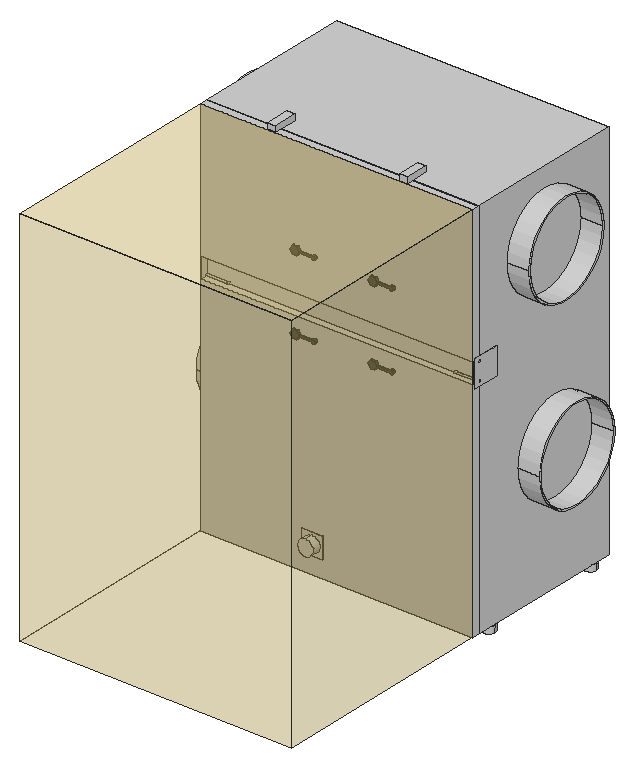
Revit family "Ventilator-RenewAire-Energy-Recovery-HE1XINV", category Mechanical Equipment, Revit 2015
Parameters (values of type "0.75 HP 120V Single Phase")
  Voltage = "120"
  Ventilation Type = "Static Plate, Heat and Humidity Transfer"
  Unit Width = "23-3/4\""
  Unit Weight = "201-272 lbs."
  Unit Length = "40-1/2\""
  Unit Height = "50-3/4\""
  Unit = Metal - RenewAire - Anodized - Gray Text
  URL = "www.renewaire.com"
  Typical Airflow Range = "250 - 925 CFM"
  Standard Features = "Non-Fused Disconnect, 24VAC Transformer/Relay Package"
  Shipping Weight = "325"
  Service Area Visibility = yes
  Service Area Box = Interference - RenewAire - Smooth - Light - Gold
  Revit Object Download Link = ""
  Phase = "Single"
  Options = "Qty. 2 EC Motor (see HE1XINV EC Motor submittal) - 0.5 HP 120V/1Ph/60Hz, 0.5 HP 208-230V/1Ph/60Hz, Integrated programmable controls, Fused disconnect, Double wall construction, low leakage motorized isolation dampers – OA, RA or both airstreams, Qty. 2 Factory mounted filter alarms, Independent blower control, Exterior Paint - white, custom colors, Bypass economizer (see bypass DIM drawing) – dry bulb temperature controls (standard), enthalpy controls (option)"
  Number Motors = "Qty. 2, 0.75 HP ea., Direct drive blower/standard motor packages"
  Model = "HE1XINV"
  Minimum Circuit Amps = "20.3"
  Maximum Overcurrent Protection = "25 A"
  Max. Shipping Width = "42\""
  Max. Shipping Length = "30\""
  Max. Shipping Height = "71\""
  Manufacturer = "RenewAire LLC"
  Frequency = "60 HZ"
  FLA per Motor = "9.0"
  Description = "Energy Recovery Ventilator"
  Accessories = "Filters - MERV 13, 2\" (shipped loose), Backdraft damper 12\", Motorized isolation damper - both airstreams, Wall cap 12\" - galvanized, paintable galvanneal, Solid state speed control kit - 115V, Qty. 1, 208-230V, Qty. 1, Digital time clock - wall mount(TC7D-W), in exterior enclosure (TC7D-E), Motion occupancy control - ceiling mount(MC-C), wall mount(MC-W), Carbon dioxide control - wall mount (CO2-W), duct mount(CO2-D), Electric duct heater – EK series (1-60 KW), Indirect gas-fired duct furnace - GH Series (50-400 MBH), installed downstream of any fans"
  AHRI 1060 Certified Core = "One L125-G5"
Types (6): name | Voltage | Phase | Minimum Circuit Amps | Maximum Overcurrent Protection | FLA per Motor
  (no name) | "120" | "Single" | "20.3" | "25 A" | "9.0"
  0.75 HP 120V Single Phase | "120" | "Single" | "20.3" | "25 A" | "9.0"
  0.75 HP 208-230V Single Phase | "208-230" | "Single" | "10.1" | "15 A" | "4.5"
  0.75 HP 277V Single Phase | "277" | "Single" | "8.8" | "15 A" | "3.9"
  0.75 HP 208-230V Three Phase | "208-230" | "Three" | "5.2" | "15 A" | "1.7-2.3"
  0.75 HP 460V Three Phase | "460" | "Three" | "2.6" | "15 A" | "1.15"
Reference planes (in)
  plane 1 "Center (Front/Back)": y = 0
  plane 2: z = 0
  plane 3 "Center (Left/Right)": x = 0
  plane 4 "CabRight": x = 32.25
  plane 5 "CabLeft": x = -32.25
Forms (in)
  Extrusion 1, solid, material "Metal - RenewAire - Anodized - Gray Text" <- "Unit"
    sketch origin (17.4375, 0, 24.5625) x (0, 0, 1) y (0, 1, 0)
      loop
        line (-24.5625, 10.375) -> (-24.5625, -10.375) -> (24.5625, -10.375) -> (24.5625, 10.375) -> (-24.5625, 10.375)
    from 0 to 34.875
  Extrusion 2, solid, material "Metal - RenewAire - Anodized - Gray Text"
    sketch origin (17.4375, 0, 24.5625) x (0, 0, 1) y (-1, 0, 0)
      loop
        line (24.5625, 34.875) -> (7.0625, 34.875) -> (7.0625, 0) -> (24.5625, 0) -> (24.5625, 34.875)
      loop
        line (-24.5625, 34.875) -> (-24.5625, 0) -> (4.4375, 0) -> (4.4375, 34.875) -> (-24.5625, 34.875)
    from 10.375 to 11.375
  Extrusion 3, solid, material "Metal - RenewAire - Anodized - Gray Text"
    sketch origin (17.4375, 0, 24.5625) x (0, 0, 1) y (0, 1, 0)
      loop
        line (3.96232, -7.75) -> (3.96232, -11.25) -> (7.46232, -11.25) -> (7.46232, -7.75) -> (3.96232, -7.75)
    from 34.875 to 35
  Extrusion 4, solid, material "Metal - RenewAire - Anodized - Gray Text"
    sketch origin (17.4375, 0, 24.5625) x (0, 0, 1) y (0, 1, 0)
      loop
        line (3.96232, -7.75) -> (3.96232, -11.25) -> (7.46232, -11.25) -> (7.46232, -7.75) -> (3.96232, -7.75)
    from -0.125 to 0
  Extrusion 5, solid, material "Metal - RenewAire - Anodized - Gray Text"
    sketch origin (17.4375, 0, 24.5625) x (0, 0, 1) y (0, 1, 0)
      loop
        circle (4.5625, -10.5) r 0.125
      loop
        circle (6.9375, -10.5) r 0.125
    from 32 to 35
  Extrusion 6, solid, material "Metal - RenewAire - Anodized - Gray Text"
    sketch origin (17.4375, 0, 24.5625) x (0, 0, 1) y (0, 1, 0)
      loop
        circle (4.5625, -10.5) r 0.125
      loop
        circle (6.9375, -10.5) r 0.125
    from -0.125 to 3
  Extrusion 7, solid, material "Metal - RenewAire - Anodized - Gray Text"
    sketch origin (0, 0, 0) x (1, 0, 0) y (0, 1, 0)
      loop
        circle (16.9375, -8.125) r 0.75
      loop
        circle (16.9375, 8.125) r 0.75
      loop
        circle (-16.9375, -8.125) r 0.75
      loop
        circle (-16.9375, 8.125) r 0.75
    from 0 to -0.75
  Extrusion 8, solid, material "Metal - RenewAire - Anodized - Gray Text"
    sketch origin (17.4375, 0, 24.5625) x (0, 1, 0) y (-1, 0, 0)
      loop
        line (-11.25, 26.375) -> (-11.25, 25.375) -> (-8.25, 25.375) -> (-8.25, 26.375) -> (-11.25, 26.375)
      loop
        line (-11.25, 9.5) -> (-11.25, 8.5) -> (-8.25, 8.5) -> (-8.25, 9.5) -> (-11.25, 9.5)
    from 25.3125 to 24.5625
  Extrusion 9, solid, material "Metal - RenewAire - Anodized - Gray Text"
    sketch origin (17.4375, 0, 24.5625) x (0, 0, 1) y (-1, 0, 0)
      loop
        line (-22.3125, 21.875) -> (-22.3125, 19.185) -> (-19.6225, 19.185) -> (-19.6225, 21.875) -> (-22.3125, 21.875)
    from 11.5 to 11.375
  Extrusion 10, solid, material "Metal - RenewAire - Anodized - Gray Text"
    sketch origin (17.4375, 0, 24.5625) x (0, 0, 1) y (-1, 0, 0)
      loop
        circle (-20.9675, 20.53) r 1
    from 12.5 to 11.5
  Extrusion 11, solid, material "Metal - RenewAire - Anodized - Gray Text"
    sketch origin (0, 1.75, 7.5) x (0, 1, 0) y (0, 0, 1)
      loop
        circle (0, 8.875) r 5.875
      loop
        circle (0, 8.875) r 6
    from 20.3125 to 17.4375
  Extrusion 12, solid, material "Metal - RenewAire - Anodized - Gray Text"
    sketch origin (0, 0, 31.875) x (0, 1, 0) y (0, 0, 1)
      loop
        circle (0, 8.875) r 5.875
      loop
        circle (0, 8.875) r 6
    from 20.3125 to 17.4375
  Extrusion 13, solid, material "Metal - RenewAire - Anodized - Gray Text"
    sketch origin (0, 2.5, 13.125) x (0, 1, 0) y (0, 0, 1)
      loop
        circle (-2.5, 27.625) r 6
      loop
        circle (-2.5, 27.625) r 5.875
    from -20.3125 to -17.4375
  Extrusion 14, solid, material "Metal - RenewAire - Anodized - Gray Text"
    sketch origin (0, -4.25, 7.375) x (0, 1, 0) y (0, 0, 1)
      loop
        circle (1.75, 8.875) r 6
      loop
        circle (1.75, 8.875) r 5.875
    from -20.3125 to -17.4375
  Extrusion 15, solid, material "Interference - RenewAire - Smooth - Light - Gold" <- "Service Area Box", visible <- "Service Area Visibility"
    sketch origin (17.4375, 0, 24.5625) x (0, 0, 1) y (-1, 0, 0)
      loop
        line (-24.5625, 34.875) -> (-24.5625, 0) -> (24.5625, 0) -> (24.5625, 34.875) -> (-24.5625, 34.875)
    from 11.375 to 40.375
Dimensions and locks (in)
  aligned and locked: level to plane 2
  aligned and locked: nested 1 to Extrusion 15
Nested families (in)
  nested 1: "Monitoring Port" at (7.4375, -11.375, 27) x (0, 0, 1) z (-1, 0, 0), type "Monitoring Port"
  nested 2: "Monitoring Port" at (-2.5625, -11.375, 27) x (0, 0, 1) z (-1, 0, 0), type "Monitoring Port"
  nested 3: "Monitoring Port" at (7.4375, -11.375, 36.625) x (0, 0, 1) z (-1, 0, 0), type "Monitoring Port"
  nested 4: "Monitoring Port" at (-2.5625, -11.375, 36.625) x (0, 0, 1) z (-1, 0, 0), type "Monitoring Port"
Connectors (in)
  hvac at (-17.4375, 0, 40.75)
    settings: on Extrusion 13, index 6, duct flow 0 CFM, flow factor 0, pres drop 0.00 in-wg, loss coef 0, conn angle 0.00°, conn width 12", conn height 12", conn diameter 12", duct sys type 2, conn prof type 0, flow config 0, flow direction 1, loss method 0, conn ref index -1, conn util no, is conn primary yes, conn desc "RA (Return Air)"
  hvac at (-17.4375, -2.5, 16.25)
    settings: on Extrusion 14, index 7, duct flow 0 CFM, flow factor 0, pres drop 0.00 in-wg, loss coef 0, conn angle 0.00°, conn width 12", conn height 12", conn diameter 12", duct sys type 1, conn prof type 0, flow config 0, flow direction 2, loss method 0, conn ref index -1, conn util no, is conn primary no, conn desc "FA (Fresh Air)"
  hvac at (17.4375, 1.75, 16.375)
    settings: on Extrusion 11, index 8, duct flow 0 CFM, flow factor 0, pres drop 0.00 in-wg, loss coef 0, conn angle 0.00°, conn width 12", conn height 12", conn diameter 12", duct sys type 3, conn prof type 0, flow config 0, flow direction 2, loss method 0, conn ref index -1, conn util no, is conn primary no, conn desc "EA (Exhaust Air)"
  hvac at (17.4375, 0, 40.75)
    settings: on Extrusion 12, index 9, duct flow 0 CFM, flow factor 0, pres drop 0.00 in-wg, loss coef 0, conn angle 0.00°, conn width 12", conn height 12", conn diameter 12", duct sys type 4, conn prof type 0, flow config 0, flow direction 1, loss method 0, conn ref index -1, conn util no, is conn primary no, conn desc "OA (Outside Air)"
Definition of nested family "Monitoring Port"
  Parameters
    URL = "www.renewaire.com"
    Revit Object Download Link = ""
    Model = ""
    Manufacturer = "RenewAire LLC"
    Description = "Monitoring Ports"
  Reference planes (in)
    plane 1 "Center (Front/Back)": y = 0
    plane 2: z = 0
    plane 3 "Center (Left/Right)": x = 0
  Forms (in)
    Extrusion 1, solid
      sketch origin (-9.43348, 0, 37.76669) x (-1, 0, 0) y (0, 0, -1)
        loop
          line (-9.53348, 35.65895) -> (-9.94097, 35.42369) -> (-9.94097, 34.83769) -> (-9.43348, 34.54469) -> (-8.92599, 34.83769) -> (-8.92599, 35.42369) -> (-9.33348, 35.65895) -> (-9.33348, 37.28756)
          arc (-9.33348, 37.28756) -> (-9.43348, 37.76669) -> (-9.53348, 37.28756) r 0.25
          line (-9.53348, 37.28756) -> (-9.53348, 35.65895)
      from 0 to 0.25
  Dimensions and locks (in)
    aligned and locked: level to plane 2
